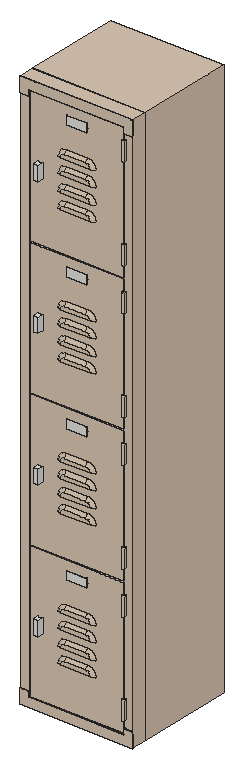
Revit family "Locker_SalsburyInd_Metal-4-Tier-Single", category Specialty Equipment, Revit 2026 (continued)
Definition of nested family "ML_Front Filler"
  Automatic sketch dimensions
    Extrusion 2 sketch curve to plane 6 "Front of Filler" = 0.048"
    Extrusion 2 sketch curve to Extrusion 2 sketch curve = 0.048"  (x2)
    plane 9 "Back of Filler" to Extrusion 2 sketch curve = 0.096"
    Extrusion 2 sketch curve to Extrusion 2 sketch curve = 0.096"
    plane 7 "Right Side of Filler" to Extrusion 2 sketch curve = 0.048"
Definition of nested family "ML_Top Filler"
  Parameters (values of type "Flat Top In-Line")
    Width [instance] = 15.000"
    Version = "1.0 (11/30/15)"
    Type Comments = "Flat Top In-Line Filler for Standard Metal Lockers"
    Sloped Height [instance] = if(Depth = 12.000", 6.625", if(Depth = 15.000", 8.682", if(Depth = 18.000", 10.739", 0.000")))  # 6.625"
    SlopeInline = no
    SlopeCorner = no
    Model = ""
    MasterFormat Title = ""
    MasterFormat Number = ""
    Manufacturer = "Salsbury Industries"
    FlatInline = yes
    FlatCorner = no
    Finish [instance] = none
    Description = "Flat Top In-Line Filler"
    Depth [instance] = 12.000"
    Default Elevation = 48.000"
    Corner Width [instance] = Depth + 0.625"  # 12.625"
    Assembly Code = ""
  Types (5): name | Type Comments | SlopeInline | SlopeCorner | FlatInline | FlatCorner | Description
    None | "Top Filler for Standard Metal Lockers" | no | no | no | no | "Top Filler"
    Sloped In-Line | "Sloping Hood In-Line Filler for Standard Metal Lockers" | yes | no | no | no | "Sloping Hood In-Line Filler"
    Flat Top In-Line | "Flat Top In-Line Filler for Standard Metal Lockers" | no | no | yes | no | "Flat Top In-Line Filler"
    Flat Top Corner | "Flat Top Corner Filler for Standard Metal Lockers" | no | no | no | yes | "Flat Top Corner Filler"
    Sloped Corner | "Sloping Hood Corner Filler for Standard Metal Lockers" | no | yes | no | no | "Sloping Hood Corner Filler"
  Reference planes (in)
    plane 1 "Center (Front/Back)": y = -2.167
    plane 2: z = 0
    plane 3 "Center (Left/Right)": x = -4.595
    plane 4 "Bottom of Panel": z = 0
    plane 5 "Front of Panel": y = -8.167
    plane 6 "Right Side of Enclosure": x = 10.405
    plane 7 "Back of Panel": y = 3.833
    plane 8: z = 6.625
    plane 9: y = -8.2295
    plane 10: x = -5.22
  Forms (in)
    Extrusion 1, solid, material <- "Finish", visible <- "SlopeInline"
      sketch origin (-4.595, 0, 0) x (0, 1, 0) y (0, 0, 1)
        loop
          line (-8.2775, 0.04551) -> (-8.2775, -1.028) -> (-8.2295, -1.028) -> (-8.2295, 0) -> (3.833, 6.625) -> (3.833, 6.69688) -> (-8.2775, 0.04551)
      from 0 to 15
    Extrusion 2, solid, material <- "Finish", visible <- "FlatInline"
      sketch origin (-4.595, 0.26285, 0) x (0, 1, 0) y (0, 0, 1)
        loop
          line (-8.54035, -1.028) -> (-8.49235, -1.028) -> (-8.49235, 0) -> (3.57015, 0) -> (3.57015, 0.048) -> (-8.54035, 0.048) -> (-8.54035, -1.028)
      from 0 to 15
    Extrusion 3, solid, material <- "Finish", visible <- "FlatCorner"
      sketch origin (6.3125, -0.3125, 0) x (0, -1, 0) y (1, 0, 0)
        loop
          line (7.8545, -11.5325) -> (7.8545, -10.9075) -> (8.4795, -10.9075) -> (8.4795, 1.0925) -> (-4.1455, 1.0925) -> (-4.1455, -11.5325) -> (7.8545, -11.5325)
      from 0 to 0.048
    Extrusion 4, solid, material <- "Finish", visible <- "SlopeCorner"
      sketch origin (-5.22, -180, 0.048) x (0, 0, 1) y (0, -1, 0)
        loop
          line (-0.00249, -171.7225) -> (-0.048, -171.7225) -> (-0.048, -171.7705) -> (6.577, -183.833) -> (6.64888, -183.833) -> (-0.00249, -171.7225)
      from 0 to 12.625 <- "Corner Width"
    Extrusion 5, solid, material <- "Finish", visible <- "SlopeCorner"
      sketch origin (0.34565, 3.833, -4.20312) x (0, 0, -1) y (1, 0, 0)
        loop
          line (-4.24872, -5.05115) -> (-4.20312, -5.05115) -> (-4.20312, -5.00315) -> (-10.82812, 7.05935) -> (-10.90008, 7.05935) -> (-4.24872, -5.05115)
      from 0 to 12.625 <- "Corner Width"
    Extrusion 6, void
      sketch origin (0, 0, 0) x (0, -1, 0) y (1, 0, 0)
        loop
          line (-3.833, -5.22) -> (8.792, -5.22) -> (-3.833, 7.405) -> (-3.833, -5.22)
      from -1.028 to 21.6885
    Extrusion 7, void
      sketch origin (3.572, -3.572, 0) x (-1, 0, 0) y (0, -1, 0)
        loop
          line (-3.833, 5.22) -> (-3.833, -7.405) -> (8.2775, 4.7055) -> (8.2775, 5.22) -> (-3.833, 5.22)
      from 19.08316 to -2.57539
  Cuts and joins
    Extrusion 7 cuts Extrusion 4
    Extrusion 6 cuts Extrusion 5
  Dimensions and locks (in)
    equal spacing: plane 5 "Front of Panel", plane 1 "Center (Front/Back)", plane 7 "Back of Panel"
    "Depth": plane 5 "Front of Panel" to plane 7 "Back of Panel"
    "Width": plane 3 "Center (Left/Right)" to plane 6 "Right Side of Enclosure"
    "Sloped Height": plane 8 to level
    locked: plane 9 to plane 5 "Front of Panel" at 0.0625
    locked: Extrusion 1 sketch curve to Extrusion 1 sketch curve at 0.063
    locked: Extrusion 1 sketch curve to plane 9 at 0.048
    Extrusion 2 sketch curve to plane 9 to Extrusion 2 sketch curve = 0.048" locked, 0.000" locked
    "Corner Width": Extrusion 3 sketch curve to plane 7 "Back of Panel"
    "Corner Width": Extrusion 3 sketch curve to Extrusion 3 sketch curve
    locked: Extrusion 3 sketch curve to plane 3 "Center (Left/Right)" at 0.625
    locked: Extrusion 4 sketch curve to plane 9 at 0.048
    locked: Extrusion 4 sketch curve to Extrusion 4 sketch curve at 0.063
    locked: plane 3 "Center (Left/Right)" to plane 10 at 0.625
    "Corner Width": plane 10 to Extrusion 6 sketch curve
    "Corner Width": Extrusion 6 sketch curve to plane 7 "Back of Panel"
    "Corner Width": Extrusion 7 sketch curve to plane 7 "Back of Panel"
    "Corner Width": plane 10 to Extrusion 7 sketch curve
    "Corner Width": Extrusion 5 sketch curve to plane 10
    locked: Extrusion 5 sketch curve to Extrusion 5 sketch curve at 0.06308
    plane 3 "Center (Left/Right)" to Extrusion 5 sketch curve to Extrusion 5 sketch curve = 0.0625" locked, 0.048" locked
    locked: Extrusion 7 sketch curve to plane 3 "Center (Left/Right)" at 0.1105
    aligned and locked: level to plane 2
    aligned and locked: Extrusion 1 to plane 6 "Right Side of Enclosure"
    aligned and locked: Extrusion 1 to plane 3 "Center (Left/Right)"
    aligned and locked: plane 8 to Extrusion 1 sketch curve
    aligned and locked: Extrusion 1 sketch curve to plane 7 "Back of Panel"
    aligned and locked: level to Extrusion 1 sketch curve
    aligned and locked: Extrusion 1 sketch curve to plane 9
    aligned and locked: plane 7 "Back of Panel" to Extrusion 2 sketch curve
    aligned and locked: Extrusion 2 to plane 3 "Center (Left/Right)"
    aligned and locked: Extrusion 2 to plane 6 "Right Side of Enclosure"
    aligned and locked: plane 3 "Center (Left/Right)" to Extrusion 3 sketch curve
    aligned and locked: Extrusion 3 sketch curve to plane 5 "Front of Panel"
    aligned and locked: plane 9 to Extrusion 4 sketch curve
    aligned and locked: Extrusion 4 sketch curve to level
    aligned and locked: plane 8 to Extrusion 4 sketch curve
    aligned and locked: plane 7 "Back of Panel" to Extrusion 4 sketch curve
    aligned and locked: Extrusion 5 sketch curve to level
    aligned and locked: Extrusion 6 sketch curve to plane 7 "Back of Panel"
    aligned and locked: Extrusion 6 sketch curve to plane 10
    aligned and locked: plane 8 to Extrusion 5 sketch curve
  Automatic sketch dimensions
    Extrusion 1 sketch curve to level = 1.028"
    Extrusion 2 sketch curve to level = 0.000"
    Extrusion 2 sketch curve to level = 1.028"
    level to Extrusion 2 sketch curve = 0.048"
    plane 7 "Back of Panel" to Extrusion 3 sketch curve = 0.000"
    plane 7 "Back of Panel" to Extrusion 7 sketch curve = 0.000"
    plane 9 to Extrusion 7 sketch curve = 0.048"
